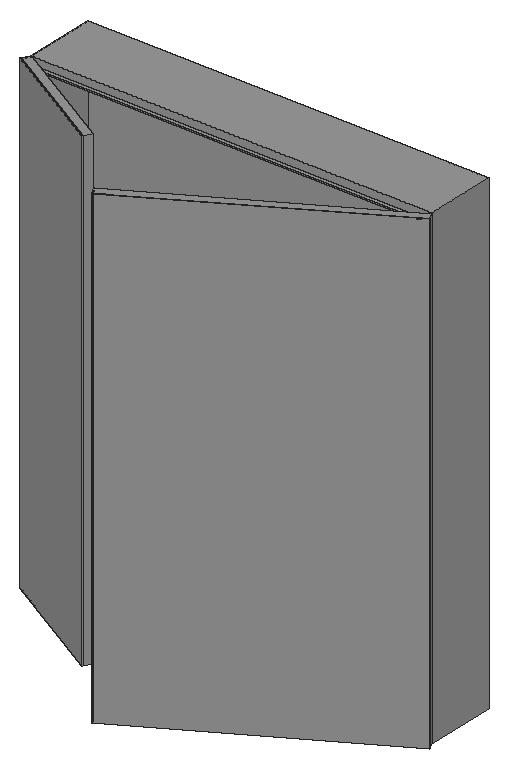
Revit family "Hager-Univers-IP44-D161-Cl.II-FWB-encl--NoHosted-PL-en", category Equipement électrique, Revit 2020
Family settings
  Configuration du panneau = Deux colonnes, circuits au sein
  Cote de connecteur circulaire = Utiliser le diamètre
  Type d'élément = Tableau de raccordement
  Basée sur le plan de construction = Oui
  Toujours verticalement = Oui
  Couper avec des vides une fois chargée = Non
  Partagée = Non
  Point de calcul de pièce = Non
Parameters (values of type "Surface mounted (plaster) IP44 W800 H950 D161  - FWB63D")
  Width Control [instance] = if([EF000008 - Width] > Min Width, [EF000008 - Width], Min Width)  # 800 mm
  Commentaires du type = [HG000003 - Range]  # "Univers"
  Thickness Door [instance] = if([EF009171 - Material plate thickness door/cover] > 3 mm, 3 mm, [EF009171 - Material plate thickness door/cover])  # 1 mm
  Seal Frame Offset [instance] = 17 mm  # constant formula
  Plinth Visibility [instance] = [HG000027 - Plinth height] > 0 mm  # no
  Min Width [instance] = 100 mm  # constant formula
  Min Depth [instance] = (2 * [EF009170 - Material plate thickness cabinet]) + 1 mm  # 3 mm
  Min Height [instance] = 100 mm  # constant formula
  Internal Frame Depth [instance] = (Door System Depth * 0.5)  # 9 mm
  Panel Name [instance] = ""  # (empty or 0)
  Model = ""
  HG000027 - Plinth height = 0 mm
  HG000026 - Floor standing = no
  HG000024 - Bottom section height = 600 mm
  HG000023 - Double section enclosure = no
  HG000016 - Door 3d visibility [instance] = yes
  HG000015 - Clearance visibility [instance] = no
  HG000014 - Door on the right [instance] = yes
  HG000013 - Door on the left [instance] = not([HG000014 - Door on the right])  # no
  HG000012 - Door swing angle [instance] = 30.00°
  HG000010 - Asymmetric doors = yes
  HG000009 - Double swing door = yes
  HG000006 - Flush mounted = no
  HG000004 - Manufacturer reference = "FWB63D"
  HG000003 - Range = "Univers"
  HG000002 - With door or cover = yes
  Frame Offset Bottom [instance] = 10 mm  # constant formula
  Frame Offset [instance] = 15 mm  # constant formula
  EF015940 - Cover with overpressure release = no
  EF011959 - Degree of protection (NEMA) = ""
  EF009554 - Number of openings for flange plates = 6
  EF009212 - Cover model = "EV000116 - Closed"
  EF009171 - Material plate thickness door/cover = 1 mm
  EF009170 - Material plate thickness cabinet = 1 mm
  EF008873 - Nominal current (In) = 125 A
  EF007800 - Suitable for lightning protection = no
  EF006306 - With lock = no
  EF006244 - Transparent cover/door = no
  EF005474 - Degree of protection (IP) = "EV006418 - IP44"
  EF004464 - Type of door = "EV000494 - None"
  EF004427 - Number of modules = 216
  EF004293 - Impact strength = "EV006815 - IK09"
  EF003532 - Suitable for outdoor use = no
  EF002950 - Width in number of modular spacings = 12
  EF001613 - Circuit integrity = "EV000494 - None"
  EF001596 - Material housing = "EV000179 - Steel"
  EF001131 - Internal depth = 156 mm
  EF001088 - Extension possible = yes
  EF000437 - Number of conduit inlets = 12
  EF000339 - Type of cover = "EV004216 - Door"
  EF000266 - Number of rows = 0
  EF000218 - Built-in depth = 0 mm
  EF000118 - With mounting plate = no
  EF000116 - RAL-number = "9010"
  EF000049 - Depth = 161 mm
  EF000040 - Height = 950 mm
  EF000008 - Width = 800 mm
  EF000007 - Colour = "EV000202 - White"
  EF000003 - Mounting method = "EV000384 - Surface mounted (plaster)"
  Door System Leaf Tolerance [instance] = 1.5 mm  # constant formula
  Door System Depth [instance] = 18 mm  # constant formula
  Door Height [instance] = Height Control - [HG000027 - Plinth height]  # 950 mm
  Description = ""
  Default Elevation = 1219.2 mm
  Connector Offset [instance] = Height Control / 2  # 475 mm
  Fabricant = "Hager"  # constant formula
  Height Control [instance] = if([EF000040 - Height] > Min Height, [EF000040 - Height], Min Height)  # 950 mm
  Depth Control [instance] = if([EF000049 - Depth] > Min Depth, [EF000049 - Depth], Min Depth)  # 161 mm
  Bottom Top Plate Trim [instance] = 1.5 mm  # constant formula
  Plinth height Ctrl [instance] = if([HG000027 - Plinth height] > 0 mm, [HG000027 - Plinth height], 12 mm)  # 12 mm
Types (19, lengths in mm): name | Width Control | Thickness Door | Min Depth | HG000010 - Asymmetric doors | HG000009 - Double swing door | HG000004 - Manufacturer reference | EF009554 - Number of openings for flange plates | EF009212 - Cover model | EF009171 - Material plate thickness door/cover | EF009170 - Material plate thickness cabinet | EF004464 - Type of door | EF004427 - Number of modules | EF001131 - Internal depth | EF000437 - Number of conduit inlets | EF000339 - Type of cover | EF000040 - Height | EF000008 - Width | Door Height | Connector Offset | Height Control
  Surface mounted (plaster) IP44 W1050 H1100 D161  - FWB74D | 1050 | 1 | 3 | no | yes | "FWB74D" | 8 | "EV000116 - Closed" | 1 | 1 | "EV000494 - None" | 336 | 160 | 16 | "EV000494 - None" | 1100 | 1050 | 1100 | 550 | 1100
  Surface mounted (plaster) IP44 W1050 H500 D161  - FWB34D | 1050 | 1 | 3 | no | yes | "FWB34D" | 8 | "EV000116 - Closed" | 1 | 1 | "EV003602 - Double" | 144 | 156 | 16 | "EV004216 - Door" | 500 | 1050 | 500 | 250 | 500
  Surface mounted (plaster) IP44 W1050 H650 D161  - FWB44D | 1050 | 1 | 3 | no | yes | "FWB44D" | 8 | "EV000116 - Closed" | 1 | 1 | "EV003602 - Double" | 192 | 156 | 16 | "EV004216 - Door" | 650 | 1050 | 650 | 325 | 650
  Surface mounted (plaster) IP44 W1050 H800 D161  - FWB54D | 1050 | 1 | 3 | no | yes | "FWB54D" | 8 | "EV000116 - Closed" | 1 | 1 | "EV002646 - Single" | 240 | 156 | 16 | "EV004216 - Door" | 800 | 1050 | 800 | 400 | 800
  Surface mounted (plaster) IP44 W1050 H950 D161  - FWB64D | 1050 | 1 | 3 | no | yes | "FWB64D" | 8 | "EV000116 - Closed" | 1 | 1 | "EV003602 - Double" | 288 | 156 | 16 | "EV004216 - Door" | 950 | 1050 | 950 | 475 | 950
  Surface mounted (plaster) IP44 W300 H1100 D161  - FWB71D | 300 | 1 | 3 | no | no | "FWB71D" | 2 | "EV000116 - Closed" | 1 | 1 | "EV000494 - None" | 84 | 160 | 4 | "EV004216 - Door" | 1100 | 300 | 1100 | 550 | 1100
  Surface mounted (plaster) IP44 W300 H650 D161  - FWB41D | 300 | 2 | 5 | no | no | "FWB41D" | 2 | "EV000116 - Closed" | 2 | 2 | "EV000494 - None" | 48 | 160 | 4 | "EV004216 - Door" | 650 | 300 | 650 | 325 | 650
  Surface mounted (plaster) IP44 W300 H800 D161  - FWB51D | 300 | 1 | 3 | no | no | "FWB51D" | 2 | "EV000116 - Closed" | 1 | 1 | "EV000494 - None" | 60 | 160 | 4 | "EV004216 - Door" | 800 | 300 | 800 | 400 | 800
  Surface mounted (plaster) IP44 W300 H950 D161  - FWB61D | 300 | 1 | 3 | no | no | "FWB61D" | 2 | "EV000116 - Closed" | 1 | 1 | "EV000494 - None" | 72 | 160 | 4 | "EV004216 - Door" | 950 | 300 | 950 | 475 | 950
  Surface mounted (plaster) IP44 W550 H1100 D161  - FWB72D | 550 | 1 | 3 | no | no | "FWB72D" | 4 | "EV000116 - Closed" | 1 | 1 | "EV000494 - None" | 168 | 160 | 8 | "EV004216 - Door" | 1100 | 550 | 1100 | 550 | 1100
  Surface mounted (plaster) IP44 W550 H500 D161  - FWB32D | 550 | 2 | 5 | no | no | "FWB32D" | 4 | "EV000116 - Closed" | 2 | 2 | "EV002646 - Single" | 72 | 156 | 8 | "EV000494 - None" | 500 | 550 | 500 | 250 | 500
  Surface mounted (plaster) IP44 W550 H650 D161  - FWB42D | 550 | 1 | 3 | no | no | "FWB42D" | 4 | "EV000116 - Closed" | 1 | 1 | "EV000494 - None" | 96 | 160 | 8 | "EV004216 - Door" | 650 | 550 | 650 | 325 | 650
  Surface mounted (plaster) IP44 W550 H800 D161  - FWB52D | 550 | 1 | 3 | no | no | "FWB52D" | 4 | "EV000116 - Closed" | 1 | 1 | "EV000494 - None" | 120 | 160 | 8 | "EV004216 - Door" | 800 | 550 | 800 | 400 | 800
  Surface mounted (plaster) IP44 W550 H950 D161  - FWB62D | 550 | 1 | 3 | no | no | "FWB62D" | 4 | "EV000116 - Closed" | 1 | 1 | "EV000494 - None" | 144 | 160 | 8 | "EV004216 - Door" | 950 | 550 | 950 | 475 | 950
  Surface mounted (plaster) IP44 W800 H1100 D161  - FWB73D | 800 | 1 | 3 | yes | yes | "FWB73D" | 6 | "EV000116 - Closed" | 1 | 1 | "EV003602 - Double" | 252 | 156 | 12 | "EV004216 - Door" | 1100 | 800 | 1100 | 550 | 1100
  Surface mounted (plaster) IP44 W800 H500 D161  - FWB33D | 800 | 1 | 3 | yes | yes | "FWB33D" | 6 | "EV000116 - Closed" | 1 | 1 | "EV000494 - None" | 108 | 160 | 12 | "EV004216 - Door" | 500 | 800 | 500 | 250 | 500
  Surface mounted (plaster) IP44 W800 H650 D161  - FWB43D | 800 | 1 | 5 | yes | yes | "FWB43D" | 6 | "EV009916 - With notch" | 1 | 2 | "EV000494 - None" | 144 | 160 | 12 | "EV004216 - Door" | 650 | 800 | 650 | 325 | 650
  Surface mounted (plaster) IP44 W800 H800 D161  - FWB53D | 800 | 1 | 5 | yes | yes | "FWB53D" | 6 | "EV000116 - Closed" | 1 | 2 | "EV000494 - None" | 180 | 160 | 12 | "EV004216 - Door" | 800 | 800 | 800 | 400 | 800
  Surface mounted (plaster) IP44 W800 H950 D161  - FWB63D | 800 | 1 | 3 | yes | yes | "FWB63D" | 6 | "EV000116 - Closed" | 1 | 1 | "EV000494 - None" | 216 | 156 | 12 | "EV004216 - Door" | 950 | 800 | 950 | 475 | 950
Reference planes
  plane 1 "Center (Front/Back)": y = 0
  plane 2: z = 0
  plane 3 "Center (Left/Right)": x = 0
  plane 4: y = 0
  plane 5: y = 0
  plane 6: z = 0
  plane 7: x = -400
  plane 8: x = 400
  plane 9: x = 399
  plane 10: x = -399
  plane 11: z = 0
  plane 12: z = 1
  plane 13: y = -161
  plane 14: y = -1
  plane 15: x = 0
  plane 16: y = -143
  plane 17: y = -160
  plane 18: y = -142
  plane 19: x = -384
  plane 20: x = 384
  plane 21: z = 11
  plane 22: x = -383
  plane 23: x = 383
  plane 24: z = 0
  plane 25: z = 950
  plane 26: z = 950
  plane 27: z = 934
  plane 28: z = 949
Forms (mm)
  Extrusion 1, solid, material "Hager_Steel_RAL7035_Light_Grey", detail levels medium+fine
    sketch origin (-208.679, -4572, 0) x (-1, 0, 0) y (0, -1, 0)
      loop
        line (191.321, -4429) -> (-608.679, -4429) -> (-608.679, -4572) -> (191.321, -4572) -> (191.321, -4429)
    from 0 to 950
  Extrusion 2, void
    sketch origin (-350.771, -161, 1219.2) x (1, 0, 0) y (0, 0, 1)
      loop
        line (-48.229, -270.2) -> (-48.229, -1218.2) -> (749.771, -1218.2) -> (749.771, -270.2) -> (-48.229, -270.2)
    from -19 to -160
  Extrusion 3, void
    sketch origin (-290.084, -143, 1219.2) x (1, 0, 0) y (0, 0, 1)
      loop
        line (-93.916, -1208.2) -> (674.084, -1208.2) -> (674.084, -285.2) -> (-93.916, -285.2) -> (-93.916, -1208.2)
    from 0 to -1
  Extrusion 4, solid, material "Hager_Steel_RAL7035_Light_Grey", visible <- "Plinth Visibility", detail levels medium+fine
    sketch origin (0, 0, 0) x (1, 0, 0) y (0, 1, 0)
      loop
        line (-400, 0) -> (-400, -143) -> (400, -143) -> (400, 0) -> (-400, 0)
    from 0 to 12 <- "Plinth height Ctrl"
  Extrusion 5, solid, material "Hager_Steel_RAL7035_Light_Grey", detail levels coarse
    sketch origin (0, 0, 0) x (1, 0, 0) y (0, 1, 0)
      loop
        line (-400, 0) -> (-400, -161) -> (400, -161) -> (400, 0) -> (-400, 0)
    from 0 to 950 <- "Height Control"
  Sweep 6, void
    path in 3D
      loop
        line (-400, -143, 12) -> (400, -143, 12) -> (400, 0, 12) -> (-400, 0, 12) -> (-400, -143, 12)
    profile origin (-400, -71.5, 12) x (1, 0, 0) y (0, 0, 1)
      loop
        line (0, 0) -> (0, -1.5) -> (1.5, -1.5)
        arc (1.5, -1.5) -> (1.061, -0.439) -> (0, 0) r 1.5
  Extrusion 7, solid, material "Hager_Steel_RAL7035_Light_Grey", detail levels fine
    sketch origin (-400, -143, 0) x (1, 0, 0) y (0, 0, 1)
      loop
        line (16, 11) -> (784, 11) -> (784, 934) -> (16, 934) -> (16, 11)
      loop
        line (15, 10) -> (785, 10) -> (785, 935) -> (15, 935) -> (15, 10)
    from 0 to 9 <- "Internal Frame Depth"
Cuts and joins
  Extrusion 2, Extrusion 3 cuts Extrusion 1
  Sweep 6 cuts Extrusion 4
Lines and regions (mm)
  Masking region 1
    outline origin (0, 0, 0) x (1, 0, 0) y (0, 1, 0)
      loop
        line (-400, 0) -> (-400, -161) -> (400, -161) -> (400, 0) -> (-400, 0)
  Masking region 2, detail levels coarse
    outline origin (-290.084, -143, 1219.2) x (-1, 0, 0) y (0, 0, 1)
      loop
        line (-690.084, -1219.2) -> (109.916, -1219.2) -> (109.916, -269.2) -> (-690.084, -269.2) -> (-690.084, -1219.2)
  Masking region 3, detail levels coarse
    outline origin (0, 0, 0) x (0, 1, 0) y (0, 0, 1)
      loop
        line (0, 0) -> (0, 950) -> (-161, 950) -> (-161, 0) -> (0, 0)
  Masking region 4, visible <- "Plinth Visibility", detail levels medium+fine
    outline origin (0, 0, 0) x (0, 1, 0) y (0, 0, 1)
      loop
        line (-1.5, 12) -> (-141.5, 12)
        arc (-141.5, 12) -> (-141.939, 10.939) -> (-143, 10.5) r 1.5
        line (-143, 10.5) -> (-143, 0) -> (0, 0) -> (0, 10.5)
        arc (0, 10.5) -> (-1.061, 10.939) -> (-1.5, 12) r 1.5
  Masking region 5, detail levels medium+fine
    outline origin (0, 0, 594.038) x (0, 1, 0) y (0, 0, 1)
      loop
        line (0, -594.038) -> (0, 355.962) -> (-143, 355.962) -> (-143, -594.038) -> (0, -594.038)
  Masking region 6, detail levels medium+fine
    outline origin (-359.7, -143, 1211.883) x (-1, 0, 0) y (0, 0, 1)
      loop
        line (-759.7, -1211.883) -> (40.3, -1211.883) -> (40.3, -261.883) -> (-759.7, -261.883) -> (-759.7, -1211.883)
  Masking region 7, visible <- "Plinth Visibility", detail levels medium+fine
    outline origin (-320.334, -143, 1041.368) x (-1, 0, 0) y (0, 0, 1)
      loop
        line (-720.334, -1041.368) -> (79.666, -1041.368) -> (79.666, -1030.868)
        arc (79.666, -1030.868) -> (78.606, -1030.429) -> (78.166, -1029.368) r 1.5
        line (78.166, -1029.368) -> (-718.834, -1029.368)
        arc (-718.834, -1029.368) -> (-719.273, -1030.429) -> (-720.334, -1030.868) r 1.5
        line (-720.334, -1030.868) -> (-720.334, -1041.368)
  sketch lines
    curve 1: line (-400, 0, 12) -> (-400, -143, 12)
    curve 2: line (-400, -143, 12) -> (400, -143, 12)
    curve 3: line (400, 0, 12) -> (-400, 0, 12)
    curve 4: line (400, -143, 12) -> (400, 0, 12)
Dimensions and locks
  locked: plane 1 "Center (Front/Back)" to plane 5
  "EF009170 - Material plate thickness cabinet": plane 7 to plane 10
  "EF009170 - Material plate thickness cabinet": plane 8 to plane 9
  equal spacing: plane 7, plane 3 "Center (Left/Right)", plane 8
  "Width Control": plane 7 to plane 8
  "Depth Control": plane 4 to plane 13
  "EF009170 - Material plate thickness cabinet": plane 4 to plane 14
  "Height Control": plane 25 to level
  "HG000027 - Plinth height": plane 11 to level
  "EF009170 - Material plate thickness cabinet": plane 12 to plane 11
  "EF009170 - Material plate thickness cabinet": plane 17 to plane 13
  "EF009170 - Material plate thickness cabinet": plane 18 to plane 16
  "Frame Offset Bottom": plane 21 to plane 12
  "Frame Offset": plane 10 to plane 19
  "Frame Offset": plane 9 to plane 20
  "Door System Depth": plane 16 to plane 13
  "Seal Frame Offset": plane 7 to plane 22
  "Seal Frame Offset": plane 8 to plane 23
  "EF009170 - Material plate thickness cabinet": plane 26 to plane 28
  "Frame Offset": plane 28 to plane 27
  "Connector Offset": plane 2 to connector elem
  "Bottom Top Plate Trim": profile plane to Sweep 6 sketch curve
  "Bottom Top Plate Trim": Sweep 6 sketch curve to Sweep 6 sketch curve
  "Plinth height Ctrl": Masking region 4 sketch curve to level
  "Plinth height Ctrl": Masking region 7 sketch curve to level
  "Thickness Door": Extrusion 7 sketch curve to Extrusion 7 sketch curve  (x4)
  "Bottom Top Plate Trim": radius of Sweep 6 sketch curve
  "Bottom Top Plate Trim": radius of Masking region 4 sketch curve  (x2)
  "Bottom Top Plate Trim": radius of Masking region 7 sketch curve  (x2)
  aligned and locked: Extrusion 2 sketch curve to plane 12
  aligned and locked: Extrusion 2 sketch curve to plane 9
  aligned and locked: Extrusion 2 sketch curve to plane 10
  aligned and locked: Extrusion 2 to plane 14
  aligned and locked: Extrusion 1 sketch curve to plane 4
  aligned and locked: plane 8 to Extrusion 1 sketch curve
  aligned and locked: plane 7 to Extrusion 1 sketch curve
  aligned and locked: Extrusion 2 to plane 18
  aligned and locked: Extrusion 3 sketch curve to plane 19
  aligned and locked: plane 20 to Extrusion 3 sketch curve
  aligned and locked: Extrusion 3 to Extrusion 2
  aligned and locked: Extrusion 3 sketch curve to plane 21
  aligned and locked: plane 3 "Center (Left/Right)" to nested 1
  aligned and locked: Extrusion 1 sketch curve to plane 16
  aligned and locked: Extrusion 4 sketch curve to cut or joined group of Extrusion 1, Extrusion 2, Extrusion 3
  aligned and locked: Masking region 1 sketch curve to plane 7
  aligned and locked: Masking region 1 sketch curve to plane 5
  aligned and locked: Masking region 1 sketch curve to plane 8
  aligned and locked: Masking region 2 sketch curve to level
  aligned and locked: level to Masking region 3 sketch curve
  aligned and locked: plane 1 "Center (Front/Back)" to Masking region 3 sketch curve
  aligned and locked: plane 13 to Masking region 3 sketch curve
  aligned and locked: plane 5 to Masking region 4 sketch curve
  aligned and locked: Masking region 2 sketch curve to plane 8
  aligned and locked: Masking region 2 sketch curve to plane 7
  aligned and locked: plane 7 to nested 2
  aligned and locked: nested 2 to plane 5
  aligned and locked: plane 5 to Masking region 5 sketch curve
  aligned and locked: plane 26 to Masking region 5 sketch curve
  aligned and locked: Extrusion 5 sketch curve to plane 8
  aligned and locked: Extrusion 5 sketch curve to plane 7
  aligned and locked: Extrusion 5 sketch curve to plane 5
  aligned and locked: Extrusion 3 sketch curve to plane 27
  aligned and locked: Extrusion 2 sketch curve to plane 28
  aligned and locked: Masking region 2 to plane 25
  aligned and locked: Extrusion 4 to plane 16
  aligned and locked: profile plane to Sweep 6 sketch curve
  aligned and locked: Masking region 5 sketch curve to plane 24
  aligned and locked: level to Masking region 4 sketch curve
  aligned and locked: Masking region 1 to plane 13
  aligned and locked: nested 1 to plane 16
  aligned and locked: Masking region 3 to plane 25
  aligned and locked: plane 16 to Masking region 4 sketch curve
  aligned and locked: Masking region 5 sketch curve to plane 16
  aligned and locked: plane 24 to plane 11
  aligned and locked: plane 26 to plane 25
  aligned and locked: plane 26 to cut or joined group of Extrusion 1, Extrusion 2, Extrusion 3
  aligned and locked: nested 1 to plane 24
  aligned and locked: Extrusion 1 to Extrusion 3
  aligned and locked: Masking region 6 sketch curve to plane 8
  aligned and locked: Masking region 6 sketch curve to plane 24
  aligned and locked: Masking region 6 sketch curve to plane 7
  aligned and locked: Masking region 6 sketch curve to plane 26
  aligned and locked: Masking region 7 sketch curve to plane 7
  aligned and locked: level to Masking region 7 sketch curve
  aligned and locked: Masking region 7 sketch curve to plane 8
  aligned and locked: Extrusion 7 sketch curve to cut or joined group of Extrusion 1, Extrusion 2, Extrusion 3  (x4)
Automatic sketch dimensions
  plane 19 to Extrusion 3 sketch curve = 0 mm
  Extrusion 3 sketch curve to plane 20 = 0 mm
  Extrusion 3 sketch curve to plane 21 = 0 mm
  Extrusion 4 sketch curve to plane 7 = 0 mm
  Extrusion 4 sketch curve to plane 8 = 0 mm
  Extrusion 4 sketch curve to plane 16 = 0 mm
  Masking region 1 sketch curve to plane 13 = 0 mm
  Masking region 2 sketch curve to plane 25 = 0 mm
  Masking region 3 sketch curve to plane 25 = 0 mm
  Extrusion 5 sketch curve to plane 13 = 0 mm
  profile plane to Sweep 6 sketch curve = 0 mm
Nested families
  nested 1: "EC000058_Univers_Door" at (0, -143, 0), Double <- "HG000009 - Double swing door", Transparent <- "EF006244 - Transparent cover/door", Angle <- "HG000012 - Door swing angle", Door_Right <- "HG000014 - Door on the right", Assymetrical <- "HG000010 - Asymmetric doors", Door <- "HG000002 - With door or cover", Width_Ctrl <- "Width Control", 3d_Door <- "HG000016 - Door 3d visibility", Clearance <- "HG000015 - Clearance visibility", Door_Left <- "HG000013 - Door on the left", Width <- "Width Control", Door_Depth <- "Door System Depth", Leaf_Tolerance <- "Door System Leaf Tolerance", Height <- "Door Height", Lock_Visibility <- "EF006306 - With lock", Thickness <- "Thickness Door", type "EC000058_Univers_Door", detail levels medium+fine
    with min_wh 3 mm, Width_Ctrl 800 mm, Width 800 mm, Transparent no, Thickness 1 mm, Seal_Material Hager_Rubber, Lock_Visibility no, Lock_Material Hager_Plastic_RAL9005_Jet_Black, Leaf_Width 800 mm, Leaf_Tolerance_External_Sides 0 mm, Leaf_Tolerance 1.5 mm, Leaf_Offset 0 mm, Leaf_Height 947 mm, Leaf_2_Width 532.583 mm, Leaf_2_Offset 266.292 mm, Leaf_1_Width 265.917 mm, Leaf_1_Offset 132.958 mm, Height_Ctrl 950 mm, Height 950 mm, Glass_Material Hager_Glass, Double_Clearance_Ctrl no, Double yes, Door_Right_Ctrl yes, Door_Right yes, Door_Material Hager_Steel_RAL7035_Light_Grey, Door_Left_Ctrl yes, Door_Left no, Door_Depth 18 mm, Door yes, Clearance_Material Hager_Clearance, Clearance_Depth 532.583 mm, Clearance_Ctrl no, Clearance no, Assymetrical yes, Angle 30.00°, 3d_Door yes
  nested 2: "Hager_Enclosure_Symbol" at (-400, 0, 0), Height <- "Depth Control", Width <- "Width Control", type "Hager_Enclosure_Symbol"
    with Width_Ctrl 800 mm, Width 800 mm, Height_Ctrl 161 mm, Height 161 mm, A_Width_Int 10.566 mm, A_Width 126.788 mm, A_Height_Ctrl 140.875 mm, A_Height 140.875 mm
Connectors
  electrical at (0, 0, 475)
    settings: on plane 1 "Center (Front/Back)", index 1, voltage 0 V, apparent load 0 VA, apparent load phase1 0 VA, apparent load phase2 0 VA, apparent load phase3 0 VA, power factor 1, load classification "Other", number of poles 1, system type 30, power factor state 1, is connector primary yes, connector utility no, sub classification motor no, connector description ""
Definition of nested family "EC000058_Univers_Door"
  Parameters (values of type "EC000058_Univers_Door")
    min_wh [instance] = (2 * Thickness) + 1 mm  # 11 mm
    Width_Ctrl [instance] = 400 mm
    Width [instance] = 500 mm
    Transparent [instance] = yes
    Thickness [instance] = 5 mm
    Seal_Material [instance] = none
    Lock_Visibility [instance] = yes
    Lock_Material [instance] = none
    Leaf_Width [instance] = if((Width_Ctrl - 2 * Leaf_Tolerance_External_Sides) > 0 mm, (Width_Ctrl - 2 * Leaf_Tolerance_External_Sides), min_wh)  # 400 mm
    Leaf_Tolerance_External_Sides [instance] = 0 mm  # constant formula
    Leaf_Tolerance [instance] = 1.5 mm
    Leaf_Offset [instance] = 0 mm  # constant formula
    Leaf_Height [instance] = if((Height_Ctrl - 2 * Leaf_Tolerance) > 0 mm, (Height_Ctrl - 2 * Leaf_Tolerance), min_wh)  # 497 mm
    Leaf_2_Width [instance] = if(and(and(Double, Assymetrical), Door_Left), (Leaf_Width / 3) - (Leaf_Tolerance / 2), if(and(and(Double, Assymetrical), Door_Right), (Leaf_Width / 3) * 2 - (Leaf_Tolerance / 2), if(and(Double, not(Assymetrical)), (Leaf_Width / 2) - Leaf_Tolerance, Leaf_Width)))  # 400 mm
    Leaf_2_Offset [instance] = if(and(Double, Assymetrical), Leaf_2_Width / 2, if(and(Double, not(Assymetrical)), Leaf_Width / 4, Leaf_Width / 2))  # 200 mm
    Leaf_1_Width [instance] = if(and(and(Double, Assymetrical), Door_Right), (Leaf_Width / 3) - (Leaf_Tolerance / 2), if(and(and(Double, Assymetrical), Door_Left), (Width / 3) * 2 - (Leaf_Tolerance / 2), if(and(Double, not(Assymetrical)), (Leaf_Width / 2) - Leaf_Tolerance, Leaf_Width)))  # 400 mm
    Leaf_1_Offset [instance] = if(and(Double, Assymetrical), Leaf_1_Width / 2, if(and(Double, not(Assymetrical)), Leaf_Width / 4, Leaf_Width / 2))  # 200 mm
    Height_Ctrl [instance] = if(Height > min_wh, Height, min_wh)  # 500 mm
    Height [instance] = 500 mm
    Glass_Material [instance] = none
    Double_Clearance_Ctrl [instance] = and(Double, Clearance)  # no
    Double [instance] = no
    Door_Right_Ctrl [instance] = and(or(Door_Right, Double), Door)  # yes
    Door_Right [instance] = yes
    Door_Material [instance] = none
    Door_Left_Ctrl [instance] = and(or(Door_Left, Double), Door)  # no
    Door_Left [instance] = no
    Door_Depth [instance] = 30 mm
    Door [instance] = yes
    Default Elevation = 1219.2 mm
    Clearance_Material [instance] = none
    Clearance_Depth [instance] = if(Leaf_1_Width > Leaf_2_Width, Leaf_1_Width, Leaf_2_Width)  # 400 mm
    Clearance_Ctrl [instance] = and(not(Double), Clearance)  # yes
    Clearance [instance] = yes
    Assymetrical [instance] = yes
    Angle [instance] = 30.00°
    3d_Door [instance] = yes
  Reference planes
    plane 1 "Center (Front/Back)": y = 0
    plane 2 "Bottom": z = 0
    plane 3 "Center (Left/Right)": x = 0
    plane 4: z = 500
    plane 5: x = -200
    plane 6: x = 200
    plane 7: z = 500
    plane 8: x = -200
    plane 9: z = 0
    plane 10: x = 200
    plane 11: y = 0
    plane 12: z = 1.5
    plane 13: x = -600
    plane 14: y = -400
    plane 15: x = 600
    plane 16: x = 0
    plane 17: x = 0
    plane 18: x = -200
    plane 19: x = 200
    plane 20: z = 498.5
  Forms (mm)
    Extrusion 1, solid, material <- "Clearance_Material", visible <- "Double_Clearance_Ctrl"
      sketch origin (1200, 0, 0) x (1, 0, 0) y (0, 0, -1)
        loop
          line (-1800, -498.5) -> (-600, -498.5) -> (-600, 0) -> (-1800, 0) -> (-1800, -498.5)
      from 0 to -400
  Dimensions and locks
    equal spacing: plane 5, plane 3 "Center (Left/Right)", plane 6
    "Width_Ctrl": plane 5 to plane 6
    "Leaf_Offset": plane 5 to plane 8
    "Leaf_Offset": plane 6 to plane 10
    "Leaf_Offset": plane 9 to level
    "Leaf_Offset": plane 4 to plane 7
    "Height_Ctrl": plane 4 to level
    "Leaf_Tolerance": plane 12 to plane 9
    locked: plane 11 to plane 1 "Center (Front/Back)"
    "Leaf_1_Offset": plane 18 to plane 16
    "Leaf_2_Offset": plane 17 to plane 19
    "Leaf_1_Width": plane 13 to plane 8
    "Leaf_2_Width": plane 10 to plane 15
    "Clearance_Depth": plane 14 to plane 1 "Center (Front/Back)"
    "Leaf_Tolerance_External_Sides": plane 8 to plane 18
    "Leaf_Tolerance_External_Sides": plane 19 to plane 10
    "Leaf_Tolerance": plane 7 to plane 20
    aligned and locked: level to plane 2 "Bottom"
    aligned and locked: nested 1 to plane 16
    aligned and locked: nested 2 to plane 17
    aligned and locked: Extrusion 1 to plane 13
    aligned and locked: plane 15 to Extrusion 1
    aligned and locked: Extrusion 1 to plane 14
    aligned and locked: plane 12 to nested 1
    aligned and locked: nested 2 to plane 12
    aligned and locked: Extrusion 1 to plane 11
    aligned and locked: plane 20 to Extrusion 1
    aligned and locked: nested 2 to plane 11
    aligned and locked: nested 1 to plane 11
  Automatic sketch dimensions
    Extrusion 1 sketch curve to level = 0 mm
    plane 5 to Extrusion 1 sketch curve = 400 mm
    plane 6 to Extrusion 1 sketch curve = 400 mm
    Extrusion 1 sketch curve to plane 4 = 1.5 mm
  Nested families
    nested 1: "EC000058_Univers_Door_Leaf" at (0, 0, 1.5), Width <- "Leaf_1_Width", visible <- "Door_Left_Ctrl", Leaf_Height <- "Leaf_Height", Angle <- "Angle", 3d_Door <- "3d_Door", Transparent <- "Transparent", Clearance Material <- "Clearance_Material", Clearance <- "Clearance_Ctrl", Door_Material <- "Door_Material", Glass_Material <- "Glass_Material", Door_Depth <- "Door_Depth", Lock_Material <- "Lock_Material", Seal_Material <- "Seal_Material", Lock_Visibility <- "Lock_Visibility", Thickness <- "Thickness", type "EC000058_Univers_Door_Leaf"
      with Width 400 mm, Transparent_Glass_Offset 30 mm, Transparent_Ctrl yes, Transparent yes, Thickness 5 mm, Standard no, Seal_Material none, Seal_D2 8 mm, Seal_D1 1 mm, Offset_Internal_Frame 10 mm, Lock_Width 20 mm, Lock_Visibility_3d yes, Lock_Visibility yes, Lock_Thickness_3 3 mm, Lock_Thickness_2 1 mm, Lock_Thickness_1 3 mm, Lock_Radius_Offset_2 16 mm, Lock_Radius_Offset_1 15 mm, Lock_Radius_2 5 mm, Lock_Radius 6 mm, Lock_Offset 5 mm, Lock_Material none, Lock_Height 80 mm, Lock_Cover_Top_Offset_2d 17 mm, Lock_Cover_Height -65 mm, Leaf_Height 497 mm, Internal_Seal_Thickness 8 mm, Internal_Seal_Depth_2 4.5 mm, Internal_Frame_Depth 25 mm, Glass_Thickness -1 mm, Glass_Offset -2 mm, Glass_Material none, Door_Material none, Door_Depth 30 mm, Clearance Material none, Clearance yes, Angle_Ctrl 30.00°, Angle 30.00°, 3d_Door yes
    nested 2: "EC000058_Univers_Door_Leaf" at (0, 0, 1.5) x (-1, 0, 0) z (0, 0, 1), Width <- "Leaf_2_Width", visible <- "Door_Right_Ctrl", Leaf_Height <- "Leaf_Height", Angle <- "Angle", 3d_Door <- "3d_Door", Transparent <- "Transparent", Clearance Material <- "Clearance_Material", Clearance <- "Clearance_Ctrl", Door_Material <- "Door_Material", Glass_Material <- "Glass_Material", Door_Depth <- "Door_Depth", Lock_Material <- "Lock_Material", Seal_Material <- "Seal_Material", Lock_Visibility <- "Lock_Visibility", Thickness <- "Thickness", type "EC000058_Univers_Door_Leaf"
      with Width 400 mm, Transparent_Glass_Offset 30 mm, Transparent_Ctrl yes, Transparent yes, Thickness 5 mm, Standard no, Seal_Material none, Seal_D2 8 mm, Seal_D1 1 mm, Offset_Internal_Frame 10 mm, Lock_Width 20 mm, Lock_Visibility_3d yes, Lock_Visibility yes, Lock_Thickness_3 3 mm, Lock_Thickness_2 1 mm, Lock_Thickness_1 3 mm, Lock_Radius_Offset_2 16 mm, Lock_Radius_Offset_1 15 mm, Lock_Radius_2 5 mm, Lock_Radius 6 mm, Lock_Offset 5 mm, Lock_Material none, Lock_Height 80 mm, Lock_Cover_Top_Offset_2d 17 mm, Lock_Cover_Height -65 mm, Leaf_Height 497 mm, Internal_Seal_Thickness 8 mm, Internal_Seal_Depth_2 4.5 mm, Internal_Frame_Depth 25 mm, Glass_Thickness -1 mm, Glass_Offset -2 mm, Glass_Material none, Door_Material none, Door_Depth 30 mm, Clearance Material none, Clearance yes, Angle_Ctrl 30.00°, Angle 30.00°, 3d_Door yes
  Definition of nested family "EC000058_Univers_Door_Leaf"
    Parameters (values of type "EC000058_Univers_Door_Leaf")
      Width [instance] = 2000 mm
      Transparent_Glass_Offset [instance] = 30 mm
      Transparent_Ctrl [instance] = and(Transparent, [3d_Door])  # yes
      Transparent [instance] = yes
      Thickness [instance] = 5 mm
      Standard [instance] = and(not(Transparent), [3d_Door])  # no
      Seal_Material [instance] = none
      Seal_D2 [instance] = 8 mm  # constant formula
      Seal_D1 [instance] = 1 mm  # constant formula
      Offset_Internal_Frame [instance] = 10 mm  # constant formula
      Lock_Width [instance] = 20 mm  # constant formula
      Lock_Visibility_3d [instance] = and(Lock_Visibility, [3d_Door])  # yes
      Lock_Visibility [instance] = yes
      Lock_Thickness_3 [instance] = 3 mm  # constant formula
      Lock_Thickness_2 [instance] = 1 mm  # constant formula
      Lock_Thickness_1 [instance] = 3 mm  # constant formula
      Lock_Radius_Offset_2 [instance] = Lock_Radius_Offset_1 + 1 mm  # 16 mm
      Lock_Radius_Offset_1 [instance] = 15 mm  # constant formula
      Lock_Radius_2 [instance] = Lock_Radius - 1 mm  # 5 mm
      Lock_Radius [instance] = 6 mm  # constant formula
      Lock_Offset [instance] = 5 mm  # constant formula
      Lock_Material [instance] = none
      Lock_Height [instance] = 80 mm  # constant formula
      Lock_Cover_Top_Offset_2d [instance] = Lock_Radius_Offset_2 + 1 mm  # 17 mm
      Lock_Cover_Height [instance] = -(Lock_Height - Lock_Radius_Offset_1)  # -65 mm
      Leaf_Height [instance] = 2720.336 mm
      Internal_Seal_Thickness [instance] = 8 mm  # constant formula
      Internal_Seal_Depth_2 [instance] = 4.5 mm  # constant formula
      Internal_Frame_Depth [instance] = if(Door_Depth - Thickness > 5 mm, Door_Depth - Thickness, 5 mm)  # 25 mm
      Glass_Thickness [instance] = if(Thickness > 15 mm, Glass_Offset + 10 mm, -1 mm)  # -1 mm
      Glass_Offset [instance] = if(Thickness > 15 mm, -(Thickness + 10 mm) / 2, -2 mm)  # -2 mm
      Glass_Material [instance] = none
      Door_Material [instance] = none
      Door_Depth [instance] = 30 mm
      Default Elevation = 0 mm
      Clearance Material [instance] = none
      Clearance [instance] = yes
      Angle_Ctrl [instance] = if(Angle > 180.00°, 180.00°, Angle)  # 90.00°
      Angle [instance] = 90.00°
      3d_Door [instance] = yes
    Reference planes
      plane 1 "Center (Front/Back)": y = 0
      plane 2: z = 0
      plane 3 "Center (Left/Right)": x = 0
      plane 4: y = 2000
      plane 5: x = -1000
      plane 6: x = 1000
      plane 7: x = -3000
      plane 8: z = 2720.336
      plane 9: z = 30
      plane 10: z = 2690.336
      plane 11: x = 970
      plane 12: x = -970
      plane 13: y = -3
      plane 14: z = 107.833
      plane 15: y = -5
      plane 16: y = -223.314
      plane 17: x = -1000
      plane 18: z = 1360.168
      plane 19: y = 30
    Forms (mm)
      Extrusion 1, solid, material <- "Clearance Material", visible <- "Clearance"
        sketch origin (0, 0, 0) x (1, 0, 0) y (0, 0, 1)
          loop
            line (-3000, 2720.336) -> (-3000, 0) -> (1000, 0) -> (1000, 2720.336) -> (-3000, 2720.336)
        from 0 to -2000
      Extrusion 2, solid, material <- "Door_Material", visible <- "Standard", detail levels medium+fine
        sketch origin (-1000, 0, 0) x (0, 1, 0) y (-1, 0, 0)
          loop
            line (0, 30) -> (0, 25) -> (2000, 25) -> (2000, 30) -> (0, 30)
        from 0 to 2720.336 <- "Leaf_Height"
      Extrusion 3, solid, material <- "Door_Material", visible <- "Transparent_Ctrl", detail levels medium+fine
        sketch origin (-1000, 0, 0) x (0, 1, 0) y (-1, 0, 0)
          loop
            line (0, 25) -> (2000, 25) -> (2000, 30) -> (0, 30) -> (0, 25)
        from 0 to 2720.336 <- "Leaf_Height"
      Extrusion 4, void
        sketch origin (-1025, 2000, 0) x (0, 1, 0) y (0, 0, -1)
          loop
            line (-30, -2690.336) -> (-30, -30) -> (-1970, -30) -> (-1970, -2690.336) -> (-30, -2690.336)
        from 0 to 5 <- "Thickness"
      Sweep 5, solid, material <- "Seal_Material", visible <- "Transparent_Ctrl", detail levels fine
        path in 3D
          loop
            line (-1025, 30, 30) -> (-1025, 30, 2690.336) -> (-1025, 1970, 2690.336) -> (-1025, 1970, 30) -> (-1025, 30, 30)
        profile origin (-1025, 1000, 30) x (1, 0, 0) y (0, 0, 1)
          loop
            line (0, 0) -> (0, -8) -> (1, -8) -> (1, 0) -> (0, 0)
      Extrusion 6, solid, material <- "Glass_Material", visible <- "Transparent_Ctrl", detail levels medium+fine
        sketch origin (-1030, 0, 0) x (0, 1, 0) y (0, 0, -1)
          loop
            line (1970, -2690.336) -> (1970, -30) -> (30, -30) -> (30, -2690.336) -> (1970, -2690.336)
        from -2 <- "Glass_Offset" to -1 <- "Glass_Thickness"
      Extrusion 7, solid, material <- "Door_Material", visible <- "3d_Door", detail levels medium+fine
        sketch origin (-1025, 2000, 0) x (0, -1, 0) y (0, 0, -1)
          loop
            line (0, -2720.336) -> (2000, -2720.336) -> (2000, 0) -> (0, 0) -> (0, -2720.336)
          loop
            line (1995, -5) -> (5, -5) -> (5, -2715.336) -> (1995, -2715.336) -> (1995, -5)
        from 0 to 25 <- "Internal_Frame_Depth"
      Sweep 8, solid, material <- "Seal_Material", visible <- "Transparent_Ctrl", detail levels fine
        path in 3D
          loop
            line (-1025, 0, 0) -> (-1025, 2000, 0) -> (-1025, 2000, 2720.336) -> (-1025, 0, 2720.336) -> (-1025, 0, 0)
        profile origin (-1025, 0, 1360.168) x (1, 0, 0) y (0, 1, 0)
          loop
            line (0, 10) -> (2.975, 10)
            arc (2.975, 10) -> (4.053, 10.447) -> (4.5, 11.525) r 1.525
            line (4.5, 11.525) -> (4.5, 16.527)
            arc (4.5, 16.527) -> (4.069, 17.569) -> (3.027, 18) r 1.473
            line (3.027, 18) -> (0, 18) -> (0, 10)
      Extrusion 9, solid, material <- "Lock_Material", visible <- "Lock_Visibility_3d", detail levels fine
        sketch origin (-1030, 0, 0) x (0, 1, 0) y (0, 0, -1)
          loop
            arc (1993.5, -1400.168) -> (1994.561, -1399.729) -> (1995, -1398.668) r 1.5
            line (1995, -1398.668) -> (1995, -1320.168) -> (1975, -1320.168) -> (1975, -1398.668)
            arc (1975, -1398.668) -> (1975.439, -1399.729) -> (1976.5, -1400.168) r 1.5
            line (1976.5, -1400.168) -> (1993.5, -1400.168)
        from 3 <- "Lock_Thickness_1" to 0
      Blend 10, solid, material <- "Lock_Material", visible <- "Lock_Visibility_3d", detail levels fine
        base sketch origin (-1033, 0, 0) x (0, 1, 0) y (0, 0, -1)
          loop
            line (1975, -1320.168) -> (1975, -1398.668)
            arc (1975, -1398.668) -> (1975.439, -1399.729) -> (1976.5, -1400.168) r 1.5
            line (1976.5, -1400.168) -> (1993.5, -1400.168)
            arc (1993.5, -1400.168) -> (1994.561, -1399.729) -> (1995, -1398.668) r 1.5
            line (1995, -1398.668) -> (1995, -1320.168) -> (1975, -1320.168)
        top sketch origin (-1033, 0, 0) x (0, 1, 0) y (0, 0, -1)
          loop
            line (1976, -1320.168) -> (1976, -1398.668)
            arc (1976, -1398.668) -> (1976.146, -1399.022) -> (1976.5, -1399.168) r 0.5
            line (1976.5, -1399.168) -> (1993.5, -1399.168)
            arc (1993.5, -1399.168) -> (1993.854, -1399.022) -> (1994, -1398.668) r 0.5
            line (1994, -1398.668) -> (1994, -1320.168) -> (1976, -1320.168)
        from 0 to 1 <- "Lock_Thickness_2"
      Blend 11, solid, material <- "Lock_Material", visible <- "Lock_Visibility_3d", detail levels fine
        base sketch origin (-1034, 0, 0) x (0, 1, 0) y (0, 0, -1)
          loop
            line (1978, -1320.168) -> (1978, -1384.168)
            arc (1978, -1384.168) -> (1985, -1391.168) -> (1992, -1384.168) r 7
            line (1992, -1384.168) -> (1992, -1320.168) -> (1978, -1320.168)
        top sketch origin (-1034, 0, 0) x (0, 1, 0) y (0, 0, -1)
          loop
            line (1991, -1320.168) -> (1979, -1320.168) -> (1979, -1383.168)
            arc (1979, -1383.168) -> (1985, -1389.168) -> (1991, -1383.168) r 6
            line (1991, -1383.168) -> (1991, -1320.168)
        from 0 to 3 <- "Lock_Thickness_3"
      Extrusion 12, solid, material <- "Lock_Material", visible <- "Lock_Visibility_3d", detail levels fine
        sketch origin (-1030, 1975, 1320.168) x (1, 0, 0) y (0, -1, 0)
          loop
            line (-7, -19) -> (-7, -1) -> (0, -1) -> (0, 0) -> (-8, 0) -> (-8, -20) -> (0, -20) -> (0, -19) -> (-7, -19)
        from 0 to -65 <- "Lock_Cover_Height"
      Extrusion 13, void
        sketch origin (-1038, 1995, 1320.168) x (-1, 0, 0) y (0, 0, -1)
          loop
            line (-5, -65) -> (0, -65) -> (-5, -60) -> (-5, -65)
        from 0 to 20 <- "Lock_Width"
      Extrusion 14, void
        sketch origin (-1038, 1975, 1320.168) x (0, -1, 0) y (0, 0, -1)
          loop
            circle (-10, -15.995) r 6
          loop
            circle (-10, -15.995) r 5
        from 0 to 2
      Extrusion 15, solid, material <- "Lock_Material", visible <- "Lock_Visibility_3d", detail levels medium
        sketch origin (-1030, 0, 0) x (0, 1, 0) y (0, 0, -1)
          loop
            arc (1993.5, -1400.168) -> (1994.561, -1399.729) -> (1995, -1398.668) r 1.5
            line (1995, -1398.668) -> (1995, -1320.168) -> (1975, -1320.168) -> (1975, -1398.668)
            arc (1975, -1398.668) -> (1975.439, -1399.729) -> (1976.5, -1400.168) r 1.5
            line (1976.5, -1400.168) -> (1993.5, -1400.168)
        from 8 to 0
    Cuts and joins
      Extrusion 4 cuts Extrusion 3
      Extrusion 13, Extrusion 14 cuts Extrusion 9
      Extrusion 14 cuts Blend 11
      Extrusion 13, Extrusion 14 cuts Extrusion 12
      joined: Extrusion 9, Blend 10, Blend 11, Extrusion 12
      Extrusion 14 cuts Extrusion 15
    Lines and regions (mm)
      Masking region 1, visible <- "Lock_Visibility", detail levels fine
        outline origin (0, 0, 0) x (0, 1, 0) y (0, 0, 1)
          loop
            line (30, 1320.168) -> (33, 1320.168) -> (33, 1400.168) -> (30, 1400.168) -> (30, 1320.168)
      Masking region 2, visible <- "Lock_Visibility", detail levels fine
        outline origin (0, 3.143, 0) x (0, 1, 0) y (0, 0, 1)
          loop
            line (29.857, 1354.168) -> (30.857, 1354.168) -> (30.857, 1366.168) -> (29.857, 1366.168) -> (29.857, 1354.168)
      Masking region 3, detail levels medium+fine
        outline origin (0, 0, 0) x (0, 1, 0) y (0, 0, 1)
          loop
            line (0, 0) -> (30, 0) -> (30, 2720.336) -> (0, 2720.336) -> (0, 0)
      Masking region 4, detail levels medium+fine
        outline origin (0, 0, 0) x (1, 0, 0) y (0, 0, 1)
          loop
            line (-1000, 2720.336) -> (-1000, 0) -> (1000, 0) -> (1000, 2720.336) -> (-1000, 2720.336)
      Masking region 5, visible <- "Lock_Visibility", detail levels fine
        outline origin (-47.116, 0, 0) x (1, 0, 0) y (0, 0, 1)
          loop
            arc (1024.616, 1399.168) -> (1023.556, 1398.729) -> (1023.116, 1397.668) r 1.5
            line (1023.116, 1397.668) -> (1023.116, 1320.168) -> (1041.116, 1320.168) -> (1041.116, 1397.668)
            arc (1041.116, 1397.668) -> (1040.677, 1398.729) -> (1039.616, 1399.168) r 1.5
            line (1039.616, 1399.168) -> (1024.616, 1399.168)
      Masking region 6, visible <- "Lock_Visibility", detail levels medium+fine
        outline origin (-25, 0, 0) x (1, 0, 0) y (0, 0, 1)
          loop
            arc (1001.5, 1400.168) -> (1000.439, 1399.729) -> (1000, 1398.668) r 1.5
            line (1000, 1398.668) -> (1000, 1320.168) -> (1020, 1320.168) -> (1020, 1398.668)
            arc (1020, 1398.668) -> (1019.561, 1399.729) -> (1018.5, 1400.168) r 1.5
            line (1018.5, 1400.168) -> (1001.5, 1400.168)
      Masking region 7, visible <- "Lock_Visibility", detail levels fine
        outline origin (-73.735, 0, 0) x (1, 0, 0) y (0, 0, 1)
          loop
            line (1051.735, 1382.168) -> (1065.735, 1382.168) -> (1065.735, 1384.168)
            arc (1065.735, 1384.168) -> (1058.735, 1391.168) -> (1051.735, 1384.168) r 7
            line (1051.735, 1384.168) -> (1051.735, 1382.168)
      Masking region 8, visible <- "Lock_Visibility", detail levels fine
        outline origin (-73.735, 0, 0) x (1, 0, 0) y (0, 0, 1)
          loop
            line (1052.735, 1382.168) -> (1064.735, 1382.168) -> (1064.735, 1383.168)
            arc (1064.735, 1383.168) -> (1058.735, 1389.168) -> (1052.735, 1383.168) r 6
            line (1052.735, 1383.168) -> (1052.735, 1382.168)
      Masking region 9, visible <- "Lock_Visibility", detail levels fine
        outline origin (-25, 0, 0) x (1, 0, 0) y (0, 0, 1)
          loop
            line (1020, 1320.168) -> (1020, 1382.168) -> (1000, 1382.168) -> (1000, 1320.168) -> (1020, 1320.168)
      Masking region 10, detail levels medium+fine
        outline origin (0, 0, 0) x (1, 0, 0) y (0, 0, 1)
          loop
            circle (985, 1335.144) r 6
      Masking region 11, detail levels fine
        outline origin (0, 0, 0) x (1, 0, 0) y (0, 0, 1)
          loop
            circle (985, 1335.144) r 5
      Masking region 12, visible <- "Lock_Visibility", detail levels fine
        outline origin (0, 12.767, 0) x (0, 1, 0) y (0, 0, 1)
          loop
            line (20.233, 1320.168) -> (21.233, 1320.168) -> (21.233, 1399.168) -> (20.233, 1400.168) -> (20.233, 1320.168)
      Masking region 13, visible <- "Lock_Visibility", detail levels fine
        outline origin (0, 13.767, -10) x (0, 1, 0) y (0, 0, 1)
          loop
            line (20.233, 1330.168) -> (23.233, 1330.168) -> (23.233, 1399.168) -> (20.233, 1402.168) -> (20.233, 1330.168)
      Masking region 14, visible <- "Lock_Visibility", detail levels fine
        outline origin (0, 12.767, -10) x (0, 1, 0) y (0, 0, 1)
          loop
            line (20.233, 1330.168) -> (25.233, 1330.168) -> (25.233, 1399.305) -> (20.233, 1394.305) -> (20.233, 1330.168)
      Masking region 15, visible <- "Lock_Visibility", detail levels medium
        outline origin (0, 0, 0) x (0, 1, 0) y (0, 0, 1)
          loop
            line (30, 1320.168) -> (38, 1320.168) -> (38, 1400.168) -> (30, 1400.168) -> (30, 1320.168)
      Masking region 16, visible <- "Lock_Visibility", detail levels fine
        outline origin (-1000, 0, 0) x (0, 1, 0) y (-1, 0, 0)
          loop
            line (1975, 30) -> (1995, 30) -> (1995, 38) -> (1975, 38) -> (1975, 30)
          loop
            line (1979, 37) -> (1976, 37) -> (1976, 34) -> (1978, 34) -> (1979, 37)
          loop
            line (1994, 37) -> (1991, 37) -> (1992, 34) -> (1994, 34) -> (1994, 37)
      Masking region 17, visible <- "Lock_Visibility", detail levels medium
        outline origin (-1000, 0, 0) x (0, 1, 0) y (-1, 0, 0)
          loop
            line (1975, 30) -> (1995, 30) -> (1995, 38) -> (1975, 38) -> (1975, 30)
      symbolic lines
        curve 1: line (1000, 0, 0) -> (-3000, 0, 0)
        curve 2: arc (1000, 0, 0) -> (-1000, 2000, 0) -> (-3000, 0, 0) r 2000
        curve 4: line (-1030, 0, 0) -> (-1030, 2000, 0)
      reference lines
        curve 3: line (-1000, 0, 0) -> (-1000, 2000, 0)
      symbolic lines, detail levels medium+fine
        curve 5: line (-1030, 2000, 0) -> (-1025, 2000, 0)
        curve 7: line (-1025, 0, 0) -> (-1030, 0, 0)
        curve 8: line (-1025, 0, 0) -> (-1000, 0, 0)
        curve 9: line (-1000, 0, 0) -> (-1000, 2000, 0)
        curve 10: line (-1000, 2000, 0) -> (-1025, 2000, 0)
      symbolic lines, detail levels fine
        curve 6: line (-1025, 2000, 0) -> (-1025, 0, 0)
      sketch lines
        curve 11: line (-1025, 0, 2720.336) -> (-1025, 0, 0)
        curve 12: line (-1025, 2000, 0) -> (-1025, 0, 0)
        curve 13: line (-1025, 2000, 2720.336) -> (-1025, 2000, 0)
        curve 14: line (-1025, 0, 2720.336) -> (-1025, 2000, 2720.336)
        curve 15: line (-1025, 1970, 30) -> (-1025, 30, 30)
        curve 16: line (-1025, 30, 30) -> (-1025, 30, 2690.336)
        curve 17: line (-1025, 1970, 2690.336) -> (-1025, 1970, 30)
        curve 18: line (-1025, 30, 2690.336) -> (-1025, 1970, 2690.336)
      symbolic lines, visible <- "Transparent", detail levels medium+fine
        curve 19: line (-970, 0, 2690.336) -> (970, 0, 2690.336)
        curve 20: line (-970, 0, 30) -> (-970, 0, 2690.336)
        curve 21: line (970, 0, 30) -> (-970, 0, 30)
        curve 22: line (970, 0, 2690.336) -> (970, 0, 30)
    Dimensions and locks
      "Width": plane 1 "Center (Front/Back)" to plane 4
      equal spacing: plane 5, plane 3 "Center (Left/Right)", plane 6
      "Width": plane 5 to plane 6
      "Width": plane 7 to plane 5
      "Leaf_Height": plane 8 to level
      "Width": curve 5 to curve 3
      "Width": curve 3 to curve 3
      plane 8 to plane 10 = 30 mm
      plane 9 to level = 30 mm
      plane 12 to plane 5 = 30 mm
      plane 6 to plane 11 = 30 mm
      Extrusion 1 to Extrusion 4 sketch curve = 30 mm
      "Transparent_Glass_Offset": curve 3 to Extrusion 4 sketch curve
      "Transparent_Glass_Offset": Extrusion 4 sketch curve to cut or joined group of Extrusion 3, Extrusion 4  (x2)
      cut or joined group of Extrusion 3, Extrusion 4 to Extrusion 6 sketch curve = 30 mm
      "Transparent_Glass_Offset": cut or joined group of Extrusion 3, Extrusion 4 to Extrusion 4 sketch curve
      "Thickness": curve 6 to curve 4
      "Thickness": Extrusion 7 sketch curve to Extrusion 7 sketch curve  (x4)
      "Door_Depth": curve 4 to curve 3
      "Offset_Internal_Frame": profile plane to Sweep 8 sketch curve
      "Internal_Seal_Thickness": Sweep 8 sketch curve to Sweep 8 sketch curve
      "Internal_Seal_Depth_2": profile plane to Sweep 8 sketch curve
      "Seal_D1": profile plane to Sweep 5 sketch curve
      "Seal_D2": profile plane to Sweep 5 sketch curve
      "Thickness": Extrusion 2 sketch curve to Extrusion 2 sketch curve
      equal spacing: Extrusion 9 sketch curve, plane 18, Extrusion 9 sketch curve  (x2)
      equal spacing: Masking region 1 sketch curve, plane 18, Masking region 1 sketch curve
      "Lock_Height": Masking region 1 sketch curve to Masking region 1 sketch curve
      "Lock_Radius": Masking region 2 sketch curve to plane 18 to Masking region 2 sketch curve
      Masking region 2 sketch curve to Masking region 1 = 1 mm
      "Door_Depth": plane 19 to plane 1 "Center (Front/Back)"
      "Lock_Thickness_1": Masking region 1 sketch curve to plane 19
      "Lock_Width": Extrusion 9 sketch curve to Extrusion 9 sketch curve
      "Lock_Height": Extrusion 9 sketch curve to Extrusion 9 sketch curve
      "Lock_Offset": cut or joined group of Extrusion 3, Extrusion 4 to Extrusion 9 sketch curve
      equal spacing: plane 8, plane 18, level
      "Lock_Radius_Offset_1": Blend 11 sketch curve to Blend 10
      locked: Blend 10 to Blend 11 sketch curve at 2  (x2)
      locked: var sketch to Blend 11 sketch curve at 1  (x2)
      "Lock_Radius_Offset_2": Blend 11 sketch curve to Blend 10
      locked: Extrusion 12 sketch curve to Extrusion 12 sketch curve at 1  (x3)
      Masking region 6 sketch curve to Masking region 6 sketch curve = 80 mm
      "Lock_Height": Masking region 6 sketch curve to Masking region 6 sketch curve
      "Lock_Width": Masking region 6 sketch curve to Masking region 6 sketch curve
      locked: Masking region 6 to Masking region 5 sketch curve at 1  (x3)
      locked: Masking region 5 to Masking region 7 sketch curve at 2  (x2)
      "Lock_Radius_Offset_1": Masking region 5 to Masking region 7 sketch curve
      "Lock_Radius_Offset_2": Masking region 5 to Masking region 8 sketch curve
      locked: Masking region 7 to Masking region 8 sketch curve at 1  (x2)
      "Lock_Cover_Top_Offset_2d": Masking region 5 to Masking region 9 sketch curve
      equal spacing: Masking region 9, Masking region 10 sketch curve, Masking region 9
      equal spacing: Masking region 9, Masking region 11 sketch curve, Masking region 9
      Extrusion 15 sketch curve to Extrusion 15 sketch curve = 80 mm
      "Lock_Width": Extrusion 15 sketch curve to Extrusion 15 sketch curve
      "Lock_Height": Extrusion 15 sketch curve to Extrusion 15 sketch curve
      equal spacing: Extrusion 15 sketch curve, plane 18, Extrusion 15 sketch curve
      "Lock_Thickness_3": Masking region 13 sketch curve to Masking region 13 sketch curve
      "Lock_Height": Masking region 12 sketch curve to Masking region 12 sketch curve
      locked: Masking region 13 sketch curve to Masking region 1 at 8
      locked: Masking region 14 sketch curve to Masking region 13 at 1
      locked: Masking region 14 sketch curve to Masking region 1 at 10.863
      "Lock_Height": Masking region 15 sketch curve to Masking region 15 sketch curve
      "Lock_Offset": Extrusion 15 sketch curve to cut or joined group of Extrusion 3, Extrusion 4
      "Lock_Offset": plane 6 to Masking region 6 sketch curve
      radius of Sweep 8 sketch curve = 1.525 mm
      radius of Sweep 8 sketch curve = 1.473 mm
      radius of Extrusion 9 sketch curve = 1.5 mm  (x2)
      "Lock_Radius": radius of Extrusion 14 sketch curve
      "Lock_Radius_2": radius of Extrusion 14 sketch curve
      "Lock_Radius": radius of Masking region 10 sketch curve
      "Lock_Radius_2": radius of Masking region 11 sketch curve
      radius of Extrusion 15 sketch curve = 1.5 mm  (x2)
      "Angle_Ctrl": angle plane 1 "Center (Front/Back)" to curve 3
      locked: Masking region 12 sketch curve to Masking region 12 sketch curve (angle 45.00°)
      locked: Masking region 13 sketch curve to Masking region 13 sketch curve (angle 45.00°)
      locked: Masking region 14 sketch curve to Masking region 14 sketch curve (angle 45.00°)
      aligned and locked: level to plane 2
      aligned and locked: Extrusion 1 to curve 1
      aligned and locked: plane 6 to Extrusion 1
      aligned and locked: Extrusion 1 to plane 1 "Center (Front/Back)"
      aligned and locked: plane 4 to Extrusion 1
      aligned and locked: plane 8 to Extrusion 1
      aligned and locked: curve 7 to Extrusion 2 sketch curve
      aligned and locked: curve 5 to Extrusion 2 sketch curve
      aligned and locked: curve 7 to Extrusion 3 sketch curve
      aligned and locked: Extrusion 3 sketch curve to curve 4
      aligned and locked: Extrusion 3 sketch curve to curve 6
      aligned and locked: Extrusion 3 sketch curve to curve 5
      aligned and locked: curve 9 to curve 3
      aligned and locked: Extrusion 7 sketch curve to cut or joined group of Extrusion 3, Extrusion 4  (x4)
      aligned and locked: plane 17 to curve 3
      aligned and locked: plane 1 "Center (Front/Back)" to curve 3
      aligned and locked: plane 17 to plane 5
      aligned and locked: Sweep 8 sketch curve to profile plane
      aligned and locked: Sweep 5 sketch curve to profile plane  (x2)
      aligned and locked: Masking region 1 to Masking region 2 sketch curve
      aligned and locked: plane 19 to Masking region 1 sketch curve
      aligned and locked: plane 1 "Center (Front/Back)" to Masking region 3 sketch curve
      aligned and locked: plane 19 to Masking region 3 sketch curve
      aligned and locked: level to Masking region 3 sketch curve
      aligned and locked: Masking region 3 sketch curve to plane 8
      aligned and locked: plane 17 to Masking region 4 sketch curve
      aligned and locked: level to Masking region 4 sketch curve
      aligned and locked: Masking region 4 sketch curve to plane 8
      aligned and locked: plane 12 to curve 20
      aligned and locked: plane 10 to curve 19
      aligned and locked: plane 11 to curve 22
      aligned and locked: curve 21 to plane 9
      aligned and locked: Extrusion 2 sketch curve to cut or joined group of Extrusion 3, Extrusion 4
      aligned and locked: Blend 10 sketch curve to Extrusion 9  (x4)
      aligned and locked: Extrusion 9 to Blend 10 sketch curve
      aligned and locked: Blend 10 to Blend 11 sketch curve
      aligned and locked: Extrusion 12 sketch curve to Blend 11
      aligned and locked: Extrusion 12 sketch curve to Extrusion 9  (x4)
      aligned and locked: Masking region 5 sketch curve to Masking region 6
      aligned and locked: Masking region 9 sketch curve to Masking region 6  (x3)
      aligned and locked: Masking region 12 sketch curve to Masking region 1
      aligned and locked: Masking region 13 sketch curve to Masking region 1
      aligned and locked: Masking region 12 to Masking region 14
      aligned and locked: Masking region 14 sketch curve to Masking region 1
      aligned and locked: Masking region 15 sketch curve to Masking region 14
      aligned and locked: Masking region 13 sketch curve to Masking region 12
      aligned and locked: Masking region 16 sketch curve to cut or joined group of Extrusion 14, Extrusion 15  (x4)
      aligned and locked: Masking region 16 sketch curve to cut or joined group of Extrusion 9, Blend 10, Blend 11, Extrusion 12, Extrusion 13, Extrusion 14  (x6)
      aligned and locked: cut or joined group of Extrusion 9, Blend 10, Blend 11, Extrusion 12, Extrusion 13, Extrusion 14 to Masking region 16 sketch curve
      aligned and locked: Masking region 17 sketch curve to cut or joined group of Extrusion 14, Extrusion 15  (x3)
      aligned and locked: Masking region 17 sketch curve to cut or joined group of Extrusion 9, Blend 10, Blend 11, Extrusion 12, Extrusion 13, Extrusion 14
      aligned and locked: Masking region 9 to Masking region 8 sketch curve
      aligned and locked: Masking region 9 to Masking region 7 sketch curve
    Automatic sketch dimensions
      plane 1 "Center (Front/Back)" to curve 2 = 0 mm
      curve 2 to plane 5 = 0 mm
      Extrusion 1 sketch curve to level = 0 mm
      Extrusion 1 sketch curve to plane 7 = 0 mm
      Extrusion 1 sketch curve to plane 6 = 0 mm
      Extrusion 1 sketch curve to plane 8 = 0 mm
      Extrusion 3 to Extrusion 6 sketch curve = 30 mm  (x4)
      Masking region 4 sketch curve to plane 6 = 0 mm
      Blend 10 sketch curve to Extrusion 9 = 1.5 mm
      Blend 10 sketch curve to Extrusion 9 = 1 mm
      Extrusion 13 sketch curve to Extrusion 12 = 0 mm  (x2)
      Extrusion 12 to Extrusion 13 sketch curve = 3 mm
      Extrusion 13 sketch curve to Extrusion 12 = 5 mm
      Extrusion 14 sketch curve to Extrusion 14 sketch curve = 0 mm  (x2)
      Extrusion 14 sketch curve to Extrusion 12 = 10 mm
      Extrusion 14 sketch curve to Extrusion 12 = 15.995 mm
      Masking region 5 sketch curve to Masking region 5 sketch curve = 1.5 mm  (x2)
      Masking region 10 sketch curve to plane 18 = 25.024 mm
      Masking region 11 sketch curve to plane 18 = 25.024 mm
      plane 19 to Masking region 14 sketch curve = 3 mm
      Masking region 16 sketch curve to Masking region 16 sketch curve = 3 mm
      curve 4 to curve 3 = 0 mm
      Blend 10 to Blend 11 sketch curve = 0 mm
      Masking region 6 sketch curve to Masking region 6 sketch curve = 1.5 mm  (x2)
      Masking region 6 sketch curve to plane 18 = 40 mm
      plane 19 to Masking region 12 sketch curve = 3 mm
      Masking region 12 sketch curve to Masking region 12 sketch curve = 1 mm
      Masking region 15 sketch curve to plane 19 = 0 mm
      Masking region 15 sketch curve to plane 18 = 40 mm
      radius of Blend 10 sketch curve to Extrusion 9 = 1 mm
Definition of nested family "Hager_Enclosure_Symbol"
  Parameters (values of type "Hager_Enclosure_Symbol")
    Width_Ctrl [instance] = if(Width > 1 mm, Width, 1 mm)  # 102.27 mm
    Width [instance] = 102.27 mm
    Height_Ctrl [instance] = if(Height > 1 mm, Height, 1 mm)  # 66.5 mm
    A_Width_Int [instance] = if(A_Width / 12 > 2 mm, A_Width / 12, 2 mm)  # 4.364 mm
    A_Width [instance] = if(A_Height_Ctrl * 0.9 > 2 mm, A_Height_Ctrl * 0.9, 2 mm)  # 52.369 mm
    A_Height_Ctrl [instance] = if(A_Height > 2 mm, A_Height, 2 mm)  # 58.188 mm
    Height [instance] = 66.5 mm
    A_Height [instance] = Height - (Height / 8)  # 58.188 mm
  Reference planes
    plane 1 "Centre (avant/arrière)": y = 0
    plane 2: z = 0
    plane 3 "Centre (gauche/droite)": x = 0
    plane 4: x = 52.369
    plane 5: y = 33.042
    plane 6: y = 41.77
    plane 7: y = 66.5
    plane 8: x = 26.184
    plane 9: y = 37.406
    plane 10: x = 102.27
    plane 11: y = 66.5
    plane 12: y = 8.313
  Lines and regions (mm)
    Filled region 1, type "Solid_Black", in view "Niveau de réf."
      outline origin (0, 0, 0) x (1, 0, 0) y (0, 1, 0)
        loop
          line (52.369, 66.5) -> (33.188, 54.536) -> (45.365, 45.006) -> (52.369, 66.5)
    Filled region 2, type "Solid_Black", in view "Niveau de réf."
      outline origin (0, 0, 0) x (1, 0, 0) y (0, 1, 0)
        loop
          line (0, 0) -> (102.27, 0) -> (102.27, 66.5) -> (0, 0)
    detail lines, in view "Niveau de réf."
      curve 1: line (0, 8.313, 0) -> (26.184, 41.77, 0)
      curve 2: line (26.184, 41.77, 0) -> (26.184, 33.042, 0)
      curve 3: line (26.184, 33.042, 0) -> (52.369, 66.5, 0)
  Dimensions and locks
    "A_Width": plane 3 "Centre (gauche/droite)" to plane 4
    equal spacing: plane 3 "Centre (gauche/droite)", plane 8, plane 4
    equal spacing: plane 6, plane 9, plane 5
    equal spacing: curve 3, Filled region 1 sketch curve, Filled region 1 sketch curve
    "Height_Ctrl": plane 1 "Centre (avant/arrière)" to plane 11
    "A_Height_Ctrl": plane 11 to plane 12
    equal spacing: plane 11, plane 9, plane 12
    "A_Width_Int": plane 6 to plane 9
    "Width_Ctrl": plane 3 "Centre (gauche/droite)" to plane 10
    angle Filled region 1 sketch curve to curve 3 = 20.00°
    angle curve 3 to Filled region 1 sketch curve = 20.00°
    locked: curve 3 to Filled region 1 sketch curve (angle 90.00°)
    aligned and locked: plane 10 to Filled region 2
    aligned and locked: plane 11 to Filled region 2 sketch curve
    aligned and locked: plane 10 to Filled region 2 sketch curve
    aligned and locked: plane 3 "Centre (gauche/droite)" to curve 1
    aligned and locked: plane 12 to curve 1
    aligned and locked: plane 7 to plane 11
  Automatic sketch dimensions
    Filled region 1 sketch curve to plane 4 = 0 mm
    Filled region 1 sketch curve to plane 7 = 0 mm
    plane 1 "Centre (avant/arrière)" to Filled region 2 sketch curve = 0 mm
    Filled region 2 sketch curve to plane 3 "Centre (gauche/droite)" = 0 mm
    curve 2 to plane 6 = 0 mm
    curve 2 to plane 8 = 0 mm
    curve 3 to plane 4 = 0 mm
    curve 2 to plane 5 = 0 mm
    curve 3 to plane 7 = 0 mm
